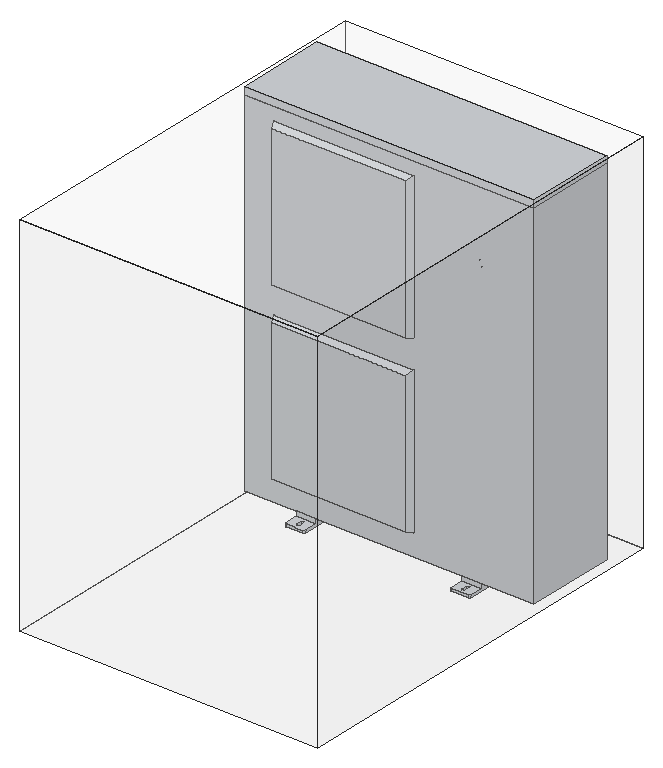
Revit family "puz-ermp80sha_280ka12_50Hz", category 機械設備, Revit 2019
Family settings
  丸型コネクタ寸法 = 直径を使用
  パーツ タイプ = 標準
  OmniClass 番号 = 23.75.10.24.21.27.27
  OmniClass タイトル = Split System Air Conditioning Units
  作業面ベース = いいえ
  常に垂直 = はい
  ロード時にボイドで切り取り = いいえ
  共有 = いいえ
  部屋計算ポイント = いいえ
Parameters (values of type "PUZ-ERMP280KA2")
  音響パワーレベル（冷）(dB) = 82
  音響パワーレベル(dB) = 83
  電源種別 = ""
  電源位置Y = 2 mm
  電源位置Z = 1063 mm
  電源位置X = 325 mm
  電圧 = 200 V
  電動機出力_送風機 = 0.4 kW
  電動機出力_圧縮機 = 6 kW
  集中コントローラ [instance] = ""
  運転質量 = 0.00 kg
  運転方法 = "冷暖切替"
  質量 = if(製品質量 > 運転質量, 製品質量, 運転質量) * 1.2  # 140.40 kg
  負荷分類 = 1_熱源類
  説明 = "空冷H/P PAC インバータ室外機"
  設計暖房能力 [instance] = 0 kW
  設計冷房能力_顕熱 [instance] = 0 kW
  設計冷房能力 [instance] = 0 kW
  設置方法 = "床置形"
  記号 [instance] = ""
  製造元 = "三菱電機株式会社"
  製品質量 = 117.00 kg
  製品出荷対象 = "国内"
  製品リリース年月 = "2022/10/11"
  製品グループ = ""
  系統 [instance] = ""
  符号 = "PAC"
  積算_科目 = "1 空気調和設備"
  積算_拾い区分 [instance] = ""
  相 = 3
  盤記号 [instance] = ""
  発停方法 = "付属スイッチ"
  特殊仕様 [instance] = ""
  消費電力_暖房 = 8.62 kW
  消費電力_冷房 = 9.33 kW
  消費電力 = if(消費電力_冷房 > 消費電力_暖房, 消費電力_冷房, 消費電力_暖房)  # 9.33 kW
  法定耐用年数 = "6"
  構成品番 = "PUZ-ERMP280KA"
  極数 = 3
  材質 [instance] = ""
  本体マテリアル = none
  最小電線太さ_mm2 = 2
  最大電流値 = 0 A
  暖房能力 = 28 kW
  推奨ブレーカー容量 = 50 A
  据付ピッチ1 = 0 mm
  形式 = "パッケージ形 室外機"
  形名 = PUZ-ZRMP-3 : PUZ-ZRMP224KA
  幹線記号 [instance] = ""
  始動方式 = "インバータ始動方式"
  呼称 = "パッケージ形空気調和機_室外機"
  周波数 = 50 Hz
  価格 = 1917000
  ドレン　位置Z = 26 mm
  ドレン　位置Y = 176 mm
  ドレン　位置X = 45 mm
  アンカーボルト位置Y = 370 mm
  アンカーボルト位置X = 600 mm
  参照している仕様書等のバージョン = "公共建築物標準仕様書（機械設備工事編）平成31年度版"
  分類コード = "50053003126100"
  分類グループ = ""
  冷房能力 = 25 kW
  冷媒管（ガス）位置X = 479 mm
  冷媒管（液）位置X = 423 mm
  冷媒管（液）位置Y = 290 mm
  冷媒管（ガス）位置Y = 236 mm
  冷媒管長 [instance] = 0 mm
  冷媒管径符号 = "Cg"
  冷媒管径 = 100.00 mm
  冷媒管位置Z = 450 mm
  冷媒管位置Y = (冷媒管（液）位置Y + 冷媒管（ガス）位置Y) / 2  # 263 mm
  冷媒管位置X = (冷媒管（液）位置X + 冷媒管（ガス）位置X) / 2  # 451 mm
  冷媒液管径 = 12.70 mm
  冷媒ガス管径 = 25.40 mm
  企業コード = "108420"
  付属品 [instance] = ""
  仕様書バージョン = "Version1.0"
  ユニット数 = 1
  ユニット3 = yes
  ユニット2 = no
  Model = ""
  ドレン管径 = 33.00 mm
  サービススペース = yes
  コメント [instance] = ""
  ケーブル種類1 = ""
  Width = 1050 mm
  Version = ""
  Uniclass2015Version = "Systems v1.9"
  Uniclass2015Title = "Split coil remote air cooled condensing units"
  Uniclass2015Code = "Pr_70_65_03_84"
  URL = "https://www.mitsubishielectric.co.jp/ldg/wink/ssl/displayProduct.do?pid=323588"
  SpecificationReference = ""
  SpecificationDescription = ""
  Revision = ""
  ProductInformation = ""
  OmniClassCode = "23-33 17 13 11"
  IfcTypeProduct = ""
  IfcProduct = ""
  IfcExportType = "AIRCONDITIONINGUNIT"
  IfcExportAs = "IfcUnitaryEquipmentType"
  Height = 1338 mm
  Depth = 330 mm
  Clearance Top = 0 mm
  Clearance Right = 15 mm
  Clearance Left = 15 mm
  Clearance Front = 1000 mm
  Clearance Bottom = 0 mm
  Clearance Back = 150 mm
  COP = 0
  Author = "三菱電機株式会社"
  APF = 0
Reference planes
  plane 1 "中心(正面/背面)": y = 74
  plane 2: z = 0
  plane 3 "中心(左/右)": x = 830
  plane 4 "右": x = 1355
  plane 5 "左": x = 305
  plane 6 "背面": y = 239
  plane 7 "正面": y = -91
  plane 8 "上部": z = 1338
  plane 9 "Clearanse Top": z = 1338
  plane 10 "SS_back": y = 389
  plane 11 "SS_front": y = -1091
  plane 12 "SS_left": x = 290
  plane 13 "SS_right": x = 1370
  plane 14: z = 0
  plane 15: y = -89
  plane 16: x = 1155
  plane 17: z = 1063
  plane 18: y = -87
  plane 19: y = -24
  plane 20: x = 1281
  plane 21: z = 450
  plane 22: z = 452
  plane 23: y = 63
  plane 24: x = 350
  plane 25: z = 28
  plane 26: z = 26
  plane 27: x = 530
  plane 28: x = 1130
  plane 29: y = 259
  plane 30: y = -111
Forms (mm)
  Extrusion 1, solid, detail levels fine
    sketch origin (0, -91, 0) x (1, 0, 0) y (0, 0, 1)
      loop
        circle (1155, 1063) r 13.5
    from -4 to -2
  Extrusion 2, solid, detail levels fine
    sketch origin (-1437.329, -1524, 54) x (-1, 0, 0) y (0, -1, 0)
      loop
        circle (-2718.329, -1500) r 50
    from 396 to 398
  Extrusion 3, solid, detail levels fine
    sketch origin (-1437.329, -1524, 54) x (-1, 0, 0) y (0, -1, 0)
      loop
        circle (-1787.329, -1587) r 16.5
    from -28 to -26
Lines and regions (mm)
  model lines, not visible
    curve 1: line (460, 178.667, 1289.179) -> (460, 297.73, 1289.179)
    curve 2: line (460, 178.667, 1056.056) -> (460, 178.667, 1289.179)
    curve 3: line (460, 297.73, 1056.056) -> (460, 178.667, 1056.056)
    curve 4: line (460, 297.73, 1289.179) -> (460, 297.73, 1056.056)
    curve 5: line (460, 47.598, 1289.179) -> (460, 166.661, 1289.179)
    curve 6: line (460, 47.598, 1056.056) -> (460, 47.598, 1289.179)
    curve 7: line (460, 166.661, 1056.056) -> (460, 47.598, 1056.056)
    curve 8: line (460, 166.661, 1289.179) -> (460, 166.661, 1056.056)
    curve 9: line (460, -83.471, 1289.179) -> (460, 35.592, 1289.179)
    curve 10: line (460, -83.471, 1056.056) -> (460, -83.471, 1289.179)
    curve 11: line (460, 35.592, 1056.056) -> (460, -83.471, 1056.056)
    curve 12: line (460, 35.592, 1289.179) -> (460, 35.592, 1056.056)
    curve 13: line (460, -150.779, 1289.179) -> (460, -95.75, 1289.179)
    curve 14: line (460, -150.779, 1056.056) -> (460, -150.779, 1289.179)
    curve 15: line (460, -95.75, 1056.056) -> (460, -150.779, 1056.056)
    curve 16: line (460, -95.75, 1289.179) -> (460, -95.75, 1056.056)
    curve 17: line (460, -150.779, 1283.175) -> (460, -132.596, 1283.175)
    curve 18: line (460, -150.779, 1062.059) -> (460, -150.779, 1283.175)
    curve 19: line (460, -132.596, 1062.059) -> (460, -150.779, 1062.059)
    curve 20: line (460, -132.596, 1283.175) -> (460, -132.596, 1062.059)
    curve 21: line (460, 178.667, 1046.051) -> (460, 297.73, 1046.051)
    curve 22: line (460, 178.667, 812.928) -> (460, 178.667, 1046.051)
    curve 23: line (460, 297.73, 812.928) -> (460, 178.667, 812.928)
    curve 24: line (460, 297.73, 1046.051) -> (460, 297.73, 812.928)
    curve 25: line (460, 47.598, 1046.051) -> (460, 166.661, 1046.051)
    curve 26: line (460, 47.598, 812.928) -> (460, 47.598, 1046.051)
    curve 27: line (460, 166.661, 812.928) -> (460, 47.598, 812.928)
    curve 28: line (460, 166.661, 1046.051) -> (460, 166.661, 812.928)
    curve 29: line (460, -83.471, 1046.051) -> (460, 35.592, 1046.051)
    curve 30: line (460, -83.471, 812.928) -> (460, -83.471, 1046.051)
    curve 31: line (460, 35.592, 812.928) -> (460, -83.471, 812.928)
    curve 32: line (460, 35.592, 1046.051) -> (460, 35.592, 812.928)
    curve 33: line (460, -150.779, 1046.051) -> (460, -95.75, 1046.051)
    curve 34: line (460, -150.779, 812.928) -> (460, -150.779, 1046.051)
    curve 35: line (460, -95.75, 812.928) -> (460, -150.779, 812.928)
    curve 36: line (460, -95.75, 1046.051) -> (460, -95.75, 812.928)
    curve 37: line (460, -150.779, 1040.048) -> (460, -132.596, 1040.048)
    curve 38: line (460, -150.779, 818.931) -> (460, -150.779, 1040.048)
    curve 39: line (460, -132.596, 818.931) -> (460, -150.779, 818.931)
    curve 40: line (460, -132.596, 1040.048) -> (460, -132.596, 818.931)
    curve 41: line (460, 178.667, 802.923) -> (460, 297.73, 802.923)
    curve 42: line (460, 178.667, 569.8) -> (460, 178.667, 802.923)
    curve 43: line (460, 297.73, 569.8) -> (460, 178.667, 569.8)
    curve 44: line (460, 297.73, 802.923) -> (460, 297.73, 569.8)
    curve 45: line (460, 47.598, 802.923) -> (460, 166.661, 802.923)
    curve 46: line (460, 47.598, 569.8) -> (460, 47.598, 802.923)
    curve 47: line (460, 166.661, 569.8) -> (460, 47.598, 569.8)
    curve 48: line (460, 166.661, 802.923) -> (460, 166.661, 569.8)
    curve 49: line (460, -83.471, 802.923) -> (460, 35.592, 802.923)
    curve 50: line (460, -83.471, 569.8) -> (460, -83.471, 802.923)
    curve 51: line (460, 35.592, 569.8) -> (460, -83.471, 569.8)
    curve 52: line (460, 35.592, 802.923) -> (460, 35.592, 569.8)
    curve 53: line (460, -150.779, 802.923) -> (460, -95.75, 802.923)
    curve 54: line (460, -150.779, 569.8) -> (460, -150.779, 802.923)
    curve 55: line (460, -95.75, 569.8) -> (460, -150.779, 569.8)
    curve 56: line (460, -95.75, 802.923) -> (460, -95.75, 569.8)
    curve 57: line (460, -150.779, 796.92) -> (460, -132.596, 796.92)
    curve 58: line (460, -150.779, 575.803) -> (460, -150.779, 796.92)
    curve 59: line (460, -132.596, 575.803) -> (460, -150.779, 575.803)
    curve 60: line (460, -132.596, 796.92) -> (460, -132.596, 575.803)
    curve 61: line (460, 178.667, 559.795) -> (460, 297.73, 559.795)
    curve 62: line (460, 178.667, 326.672) -> (460, 178.667, 559.795)
    curve 63: line (460, 297.73, 326.672) -> (460, 178.667, 326.672)
    curve 64: line (460, 297.73, 559.795) -> (460, 297.73, 326.672)
    curve 65: line (460, 47.598, 559.795) -> (460, 166.661, 559.795)
    curve 66: line (460, 47.598, 326.672) -> (460, 47.598, 559.795)
    curve 67: line (460, 166.661, 326.672) -> (460, 47.598, 326.672)
    curve 68: line (460, 166.661, 559.795) -> (460, 166.661, 326.672)
    curve 69: line (460, -83.471, 559.795) -> (460, 35.592, 559.795)
    curve 70: line (460, -83.471, 326.672) -> (460, -83.471, 559.795)
    curve 71: line (460, 35.592, 326.672) -> (460, -83.471, 326.672)
    curve 72: line (460, 35.592, 559.795) -> (460, 35.592, 326.672)
    curve 73: line (460, -150.779, 559.795) -> (460, -95.75, 559.795)
    curve 74: line (460, -150.779, 326.672) -> (460, -150.779, 559.795)
    curve 75: line (460, -95.75, 326.672) -> (460, -150.779, 326.672)
    curve 76: line (460, -95.75, 559.795) -> (460, -95.75, 326.672)
    curve 77: line (460, -150.779, 553.792) -> (460, -132.596, 553.792)
    curve 78: line (460, -150.779, 332.675) -> (460, -150.779, 553.792)
    curve 79: line (460, -132.596, 332.675) -> (460, -150.779, 332.675)
    curve 80: line (460, -132.596, 553.792) -> (460, -132.596, 332.675)
    curve 81: line (460, 178.667, 316.667) -> (460, 297.73, 316.667)
    curve 82: line (460, 178.667, 83.544) -> (460, 178.667, 316.667)
    curve 83: line (460, 297.73, 83.544) -> (460, 178.667, 83.544)
    curve 84: line (460, 297.73, 316.667) -> (460, 297.73, 83.544)
    curve 85: line (460, 47.598, 316.667) -> (460, 166.661, 316.667)
    curve 86: line (460, 47.598, 83.544) -> (460, 47.598, 316.667)
    curve 87: line (460, 166.661, 83.544) -> (460, 47.598, 83.544)
    curve 88: line (460, 166.661, 316.667) -> (460, 166.661, 83.544)
    curve 89: line (460, -83.471, 316.667) -> (460, 35.592, 316.667)
    curve 90: line (460, -83.471, 83.544) -> (460, -83.471, 316.667)
    curve 91: line (460, 35.592, 83.544) -> (460, -83.471, 83.544)
    curve 92: line (460, 35.592, 316.667) -> (460, 35.592, 83.544)
    curve 93: line (460, -150.779, 316.667) -> (460, -95.75, 316.667)
    curve 94: line (460, -150.779, 83.544) -> (460, -150.779, 316.667)
    curve 95: line (460, -95.75, 83.544) -> (460, -150.779, 83.544)
    curve 96: line (460, -95.75, 316.667) -> (460, -95.75, 83.544)
    curve 97: line (460, -150.779, 310.664) -> (460, -132.596, 310.664)
    curve 98: line (460, -150.779, 89.547) -> (460, -150.779, 310.664)
    curve 99: line (460, -132.596, 89.547) -> (460, -150.779, 89.547)
    curve 100: line (460, -132.596, 310.664) -> (460, -132.596, 89.547)
Dimensions and locks
  equal spacing: plane 7 "正面", plane 1 "中心(正面/背面)", plane 6 "背面"
  "Depth": plane 7 "正面" to plane 6 "背面"
  "Width": plane 5 "左" to plane 4 "右"
  equal spacing: plane 5 "左", plane 3 "中心(左/右)", plane 4 "右"
  "Clearance Left": plane 12 "SS_left" to plane 5 "左"
  "Clearance Right": plane 4 "右" to plane 13 "SS_right"
  "Clearance Back": plane 6 "背面" to plane 10 "SS_back"
  "Clearance Front": plane 11 "SS_front" to plane 7 "正面"
  "Height": plane 8 "上部" to level
  "Clearance Top": plane 9 "Clearanse Top" to plane 8 "上部"
  "Clearance Bottom": level to plane 14
  "電源位置X": plane 3 "中心(左/右)" to plane 16
  "電源位置Y": plane 7 "正面" to plane 15
  "電源位置Z": plane 17 to level
  locked: plane 15 to plane 18 at 2
  "冷媒管位置X": plane 3 "中心(左/右)" to plane 20
  "冷媒管位置Y": plane 19 to plane 6 "背面"
  "冷媒管位置Z": plane 21 to level
  locked: plane 22 to plane 21 at 2
  "ドレン　位置X": plane 5 "左" to plane 24
  "ドレン　位置Y": plane 23 to plane 6 "背面"
  locked: plane 25 to plane 26 at 2
  "ドレン　位置Z": plane 26 to level
  equal spacing: plane 30, plane 1 "中心(正面/背面)", plane 29
  "アンカーボルト位置Y": plane 30 to plane 29
  equal spacing: plane 27, plane 3 "中心(左/右)", plane 28
  "アンカーボルト位置X": plane 27 to plane 28
  radius of Extrusion 1 sketch curve = 13.5 mm
  "冷媒管径": diameter of Extrusion 2 sketch curve
  "ドレン管径": diameter of Extrusion 3 sketch curve
  aligned and locked: level to plane 2
  aligned and locked: plane 10 "SS_back" to nested 1  (x2)
  aligned and locked: plane 13 "SS_right" to nested 1
  aligned and locked: plane 12 "SS_left" to nested 1  (x2)
  aligned and locked: nested 1 to plane 13 "SS_right"
  aligned and locked: plane 11 "SS_front" to nested 1
  aligned and locked: plane 9 "Clearanse Top" to nested 1
  aligned and locked: plane 1 "中心(正面/背面)" to nested 2
  aligned and locked: plane 3 "中心(左/右)" to nested 2
  aligned and locked: plane 14 to nested 1
  aligned and locked: plane 17 to Extrusion 1 sketch curve
  aligned and locked: plane 16 to Extrusion 1 sketch curve
  aligned and locked: Extrusion 1 to plane 18
  aligned and locked: plane 15 to Extrusion 1
  aligned and locked: plane 19 to Extrusion 2 sketch curve
  aligned and locked: plane 20 to Extrusion 2 sketch curve
  aligned and locked: plane 22 to Extrusion 2
  aligned and locked: Extrusion 2 to plane 21
  aligned and locked: plane 24 to Extrusion 3 sketch curve
  aligned and locked: plane 23 to Extrusion 3 sketch curve
  aligned and locked: plane 25 to Extrusion 3
  aligned and locked: Extrusion 3 to plane 26
  aligned and locked: plane 27 to nested 3
  aligned and locked: plane 29 to nested 3
Nested families
  nested 1: "サービススペース" at (830, -351, 669), visible <- "サービススペース", type "サービススペース"
    with Width 1080 mm, Height 1338 mm, Depth 1480 mm
  nested 2: "PUZ-ZRMP-3" at (830, 74, 0), type <- "形名", type "PUZ-ZRMP224KA"
  nested 3: "固定点" at (530, -111, 0), type "固定点"
    with W 600 mm, D 370 mm
Connectors
  piping at (1281, -24, 450), diameter 100, driven by "冷媒管径", driven by "冷媒管径符号"
    settings: on Extrusion 2, index 1, connector inside diameter 609.60 mm, connector length 0 mm, flow factor 0, pipe flow 0.0 L/s, pressure drop 0.0 Pa, fitting loss kfactor 0, connector angle 0.00°, fixture units 0, engagement length 0 mm, angle of deflection 0.00°, flow configuration 1, flow direction 2, fitting loss method 4, system type 7, joint type 0, gender type 0, connector reference index -1, connector utility 0, adjustable connector no, is connector primary yes, connector description "Cg"
  electrical at (1155, -89, 1063), driven by "極数", driven by "負荷分類", driven by "電圧", driven by "消費電力"
    settings: on Extrusion 1, index 2, voltage 200 V, apparent load 9330 VA, apparent load phase1 0 VA, apparent load phase2 0 VA, apparent load phase3 0 VA, power factor 1, load classification "1_熱源類", number of poles 3, system type 30, power factor state 1, is connector primary yes, connector utility no, sub classification motor no, connector description ""
Definition of nested family "サービススペース"
  Parameters (values of type "サービススペース")
    Width [instance] = 500 mm
    Height [instance] = 500 mm
    Depth [instance] = 500 mm
  Reference planes
    plane 1 "中心(正面/背面)": y = 0
    plane 2: z = 0
    plane 3 "中心(左/右)": x = 0
    plane 4: y = -250
    plane 5: x = 250
    plane 6: y = 250
    plane 7: x = -250
    plane 8: z = 250
    plane 9: z = -250
  Forms (mm)
    Extrusion 1, solid
      sketch origin (-638.939, 0, 72.39) x (1, 0, 0) y (0, 1, 0)
        loop
          line (388.939, 250) -> (388.939, -250) -> (888.939, -250) -> (888.939, 250) -> (388.939, 250)
      from -322.39 to 177.61
  Lines and regions (mm)
    symbolic lines
      curve 1: line (-250, 0, 250) -> (250, 0, 250)
      curve 2: line (-250, 0, -250) -> (-250, 0, 250)
      curve 3: line (250, 0, -250) -> (-250, 0, -250)
      curve 4: line (250, 0, 250) -> (250, 0, -250)
      curve 5: line (0, -250, 250) -> (0, 250, 250)
      curve 6: line (0, -250, -250) -> (0, -250, 250)
      curve 7: line (0, 250, -250) -> (0, -250, -250)
      curve 8: line (0, 250, 250) -> (0, 250, -250)
      curve 9: line (-250, 250, 0) -> (250, 250, 0)
      curve 10: line (-250, -250, 0) -> (-250, 250, 0)
      curve 11: line (250, -250, 0) -> (-250, -250, 0)
      curve 12: line (250, 250, 0) -> (250, -250, 0)
  Dimensions and locks
    equal spacing: plane 7, plane 3 "中心(左/右)", plane 5
    equal spacing: plane 4, plane 1 "中心(正面/背面)", plane 6
    "Depth": plane 4 to plane 6
    "Width": plane 7 to plane 5
    equal spacing: plane 8, plane 2, plane 9
    "Height": plane 8 to plane 9
    aligned and locked: plane 9 to curve 3
    aligned and locked: plane 7 to curve 2
    aligned and locked: curve 4 to plane 5
    aligned and locked: plane 5 to Extrusion 1
    aligned and locked: Extrusion 1 to plane 7
    aligned and locked: Extrusion 1 to plane 9
    aligned and locked: plane 8 to Extrusion 1
    aligned and locked: plane 9 to curve 7
  Automatic sketch dimensions
    plane 4 to Extrusion 1 sketch curve = 0 mm
    Extrusion 1 sketch curve to plane 7 = 0 mm
    Extrusion 1 sketch curve to plane 5 = 0 mm
    plane 6 to Extrusion 1 sketch curve = 0 mm
    curve 2 to plane 8 = 0 mm
    plane 4 to curve 11 = 0 mm
    curve 11 to plane 7 = 0 mm
    curve 11 to plane 5 = 0 mm
    plane 6 to curve 10 = 0 mm
    curve 7 to plane 4 = 0 mm
    curve 7 to plane 6 = 0 mm
    curve 6 to plane 8 = 0 mm
Definition of nested family "PUZ-ZRMP-3"
  Parameters (values of type "PUZ-ZRMP112KA11")
    配線取出口サイズ = 27 mm
    配線取出口-Z = 1063 mm
    配線取出口-Y = 325 mm
    配線取出口-X = 325 mm
    液配管サイズ = 100 mm
    高さ = 1338 mm
    換気-W = 362 mm
    換気-H2 = 632 mm
    換気-H1 = 369 mm
    換気-D = 25 mm
    奥行き = 330 mm
    吊りボルト_H = 0 mm
    吊りボルト-φ = 12 mm
    冷媒配管サイズ = 9.52 mm
    冷媒液管径-Z = 450 mm
    冷媒液管径-Y = 290 mm
    冷媒液管径-X = 423 mm
    冷媒ガス管径-Z = 420 mm
    冷媒ガス管径-Y = 234 mm
    冷媒ガス管径-X = 483 mm
    吊りボルト-W = 600 mm
    マテリアル = none
    ドレン配管サイズ = 33 mm
    ドレン管径-Z = 0 mm
    ドレン管径-Y = 154 mm
    ドレン管径-X = 480 mm
    タイプ3 = yes
    タイプ2 = no
    タイプ1 = no
    ガス配管サイズ = 15.88 mm
    吊りボルト-D = 370 mm
    幅さ = 1050 mm
    a = 幅さ / 2  # 525 mm
  Types (3, lengths in mm): name | 冷媒配管サイズ | 冷媒液管径-Z | 冷媒ガス管径-Z | 冷媒ガス管径-Y | 冷媒ガス管径-X | ガス配管サイズ
    PUZ-ZRMP112KA11 | 9.52 | 450 | 420 | 234 | 483 | 15.88
    PUZ-ZRMP224KA | 19.05 | 450 | 337 | 236 | 479 | 25.4
    PUZ-ZRMP280KA | 19.05 | 424 | 337 | 236 | 479 | 25.4
  Reference planes
    plane 1 "中心(正面/背面)": y = 0
    plane 2: z = 0
    plane 3 "中心(左/右)": x = 0
    plane 4: z = 1338
    plane 5: x = -525
    plane 6: x = 525
    plane 7: y = 165
    plane 8: y = -165
    plane 9: x = 587
    plane 10: y = -105
    plane 11: y = 5
    plane 12: z = 1313
    plane 13: x = -545
    plane 14: x = -300
    plane 15: x = 300
    plane 16: y = 185
    plane 17: y = -185
    plane 18: x = 335
    plane 19: x = 265
    plane 20: x = -265
    plane 21: x = -335
    plane 22: y = 204
    plane 23: y = -218
    plane 24: z = 8.5
    plane 25: z = 25
    plane 26: z = 23
    plane 27: z = 1333
    plane 28: y = -40
    plane 29: y = 40
    plane 30: y = -30
    plane 31: y = 30
    plane 32: z = 1318
    plane 33: z = 55
    plane 34: z = 225
    plane 35: z = 570
    plane 36: x = 535
    plane 37: x = 556
    plane 38: y = -190
    plane 39: x = -163
    plane 40: z = 369
    plane 41: x = 91
    plane 42: x = -417
    plane 43: z = 633
    plane 44: z = 105
    plane 45: x = -407
    plane 46: x = 81
    plane 47: z = 623
    plane 48: z = 115
    plane 49: y = 115
    plane 50: y = -115
    plane 51: x = -480
    plane 52: y = -11
    plane 53: x = 483
    plane 54: x = 325
    plane 55: y = -160
    plane 56: y = -125
    plane 57: y = -69
    plane 58: x = 423
    plane 59: z = 420
    plane 60: z = 450
    plane 61: z = 1063
    plane 62: y = -110
    plane 63: z = 550
    plane 64: z = 550
    plane 65: x = 453
    plane 66: y = -97
    plane 67 "グループ": x = -525
    plane 68: z = 1338
    plane 69: z = 943
    plane 70: z = 1001
    plane 71: z = 1265
    plane 72: z = 737
    plane 73: z = 1255
    plane 74: z = 747
    plane 75: y = 125
    plane 76: x = -370
    plane 77: x = -210
    plane 78: x = -50
    plane 79: x = 110
  Forms (mm)
    Extrusion 1, solid, visible <- "タイプ3", detail levels fine
      sketch origin (-1437.329, -1524, 1338) x (-1, 0, 0) y (0, -1, 0)
        loop
          line (-1102.329, -1689) -> (-1102.329, -1359) -> (-1172.329, -1359) -> (-1172.329, -1689) -> (-1102.329, -1689)
        loop
          line (-1702.329, -1689) -> (-1702.329, -1359) -> (-1772.329, -1359) -> (-1772.329, -1689) -> (-1702.329, -1689)
      from -1338 to -1313
    Extrusion 2, solid, material <- "マテリアル", visible <- "タイプ3", detail levels fine
      sketch origin (-1437.329, -1524, 1338) x (-1, 0, 0) y (0, -1, 0)
        loop
          line (-1962.329, -1689) -> (-912.329, -1689) -> (-912.329, -1359) -> (-1962.329, -1359) -> (-1962.329, -1689)
      from -1313 to -25
    Extrusion 3, solid, material <- "マテリアル", visible <- "タイプ3", detail levels fine
      sketch origin (-1437.329, -1524, 1338) x (-1, 0, 0) y (0, -1, 0)
        loop
          line (-912.329, -1689) -> (-912.329, -1359) -> (-1962.329, -1359) -> (-1962.329, -1689) -> (-912.329, -1689)
      from -25 to 0
    Blend 4, solid, material <- "マテリアル", visible <- "タイプ3", detail levels fine
      base sketch origin (0, 0, 0) x (1, 0, 0) y (0, 0, 1)
        loop
          line (-417, 633) -> (-417, 105) -> (91, 105) -> (91, 633) -> (-417, 633)
      top sketch origin (0, 0, 0) x (1, 0, 0) y (0, 0, 1)
        loop
          line (-407, 623) -> (-407, 115) -> (81, 115) -> (81, 623) -> (-407, 623)
      from 165 to 190
    Extrusion 5, solid, material <- "マテリアル", visible <- "タイプ3", detail levels fine
      sketch origin (-1437.329, -1524, 1338) x (-1, 0, 0) y (0, -1, 0)
        loop
          circle (-1920.329, -1455) r 7.94
      from -918 to -788
    Extrusion 6, solid, material <- "マテリアル", visible <- "タイプ3", detail levels fine
      sketch origin (-1437.329, -1524, 1338) x (-1, 0, 0) y (0, -1, 0)
        loop
          circle (-1860.329, -1399) r 4.76
      from -888 to -788
    Extrusion 7, solid, material <- "マテリアル", visible <- "タイプ3", detail levels fine
      sketch origin (1480.036, -190, 1200) x (1, 0, 0) y (0, 0, 1)
        loop
          circle (-1155.036, -137) r 13.5
      from -80 to -30
    Extrusion 8, solid, material <- "マテリアル", visible <- "タイプ3", detail levels fine
      sketch origin (-1437.329, -1524, 1338) x (-1, 0, 0) y (0, -1, 0)
        loop
          circle (-1890.329, -1427) r 50
      from -888 to -788
    Blend 9, solid, material <- "マテリアル", visible <- "タイプ3", detail levels fine
      base sketch origin (1480.036, -190, 1200) x (1, 0, 0) y (0, 0, 1)
        loop
          line (-1897.036, 65) -> (-1897.036, -463) -> (-1389.036, -463) -> (-1389.036, 65) -> (-1897.036, 65)
      top sketch origin (1480.036, -190, 1200) x (1, 0, 0) y (0, 0, 1)
        loop
          line (-1887.036, 55) -> (-1887.036, -453) -> (-1399.036, -453) -> (-1399.036, 55) -> (-1887.036, 55)
      from -25 to 0
    Extrusion 10, solid, visible <- "タイプ3", detail levels fine
      sketch origin (-1437.329, -1524, 1338) x (-1, 0, 0) y (0, -1, 0)
        loop
          line (-1102.329, -1728) -> (-1102.329, -1689) -> (-1172.329, -1689) -> (-1172.329, -1728) -> (-1143.329, -1728) -> (-1143.329, -1709)
          arc (-1143.329, -1709) -> (-1137.329, -1703) -> (-1131.329, -1709) r 6
          line (-1131.329, -1709) -> (-1131.329, -1728) -> (-1102.329, -1728)
        loop
          line (-1102.329, -1359) -> (-1102.329, -1311)
          arc (-1102.329, -1311) -> (-1103.794, -1307.464) -> (-1107.329, -1306) r 5
          line (-1107.329, -1306) -> (-1167.329, -1306)
          arc (-1167.329, -1306) -> (-1170.865, -1307.464) -> (-1172.329, -1311) r 5
          line (-1172.329, -1311) -> (-1172.329, -1359) -> (-1102.329, -1359)
        loop
          arc (-1143.329, -1339) -> (-1137.329, -1345) -> (-1131.329, -1339) r 6
          line (-1131.329, -1339) -> (-1131.329, -1324)
          arc (-1131.329, -1324) -> (-1137.329, -1318) -> (-1143.329, -1324) r 6
          line (-1143.329, -1324) -> (-1143.329, -1339)
        loop
          line (-1772.329, -1728) -> (-1743.329, -1728) -> (-1743.329, -1709)
          arc (-1743.329, -1709) -> (-1737.329, -1703) -> (-1731.329, -1709) r 6
          line (-1731.329, -1709) -> (-1731.329, -1728) -> (-1702.329, -1728) -> (-1702.329, -1689) -> (-1772.329, -1689) -> (-1772.329, -1728)
        loop
          line (-1772.329, -1359) -> (-1702.329, -1359) -> (-1702.329, -1311)
          arc (-1702.329, -1311) -> (-1703.794, -1307.464) -> (-1707.329, -1306) r 5
          line (-1707.329, -1306) -> (-1767.329, -1306)
          arc (-1767.329, -1306) -> (-1770.865, -1307.464) -> (-1772.329, -1311) r 5
          line (-1772.329, -1311) -> (-1772.329, -1359)
        loop
          line (-1731.329, -1339) -> (-1731.329, -1324)
          arc (-1731.329, -1324) -> (-1737.329, -1318) -> (-1743.329, -1324) r 6
          line (-1743.329, -1324) -> (-1743.329, -1339)
          arc (-1743.329, -1339) -> (-1737.329, -1345) -> (-1731.329, -1339) r 6
      from -1338 to -1329.5
    Extrusion 11, solid, material <- "マテリアル", visible <- "タイプ3", detail levels fine
      sketch origin (-1437.329, -1524, 1338) x (-1, 0, 0) y (0, -1, 0)
        loop
          circle (-957.329, -1513) r 16.5
        loop
          circle (-1067.329, -1649) r 16.5
        loop
          circle (-1227.329, -1649) r 16.5
        loop
          circle (-1387.329, -1649) r 16.5
        loop
          circle (-1547.329, -1649) r 16.5
      from -1315 to -1313
  Cuts and joins
    joined: Extrusion 1, Extrusion 10
  Lines and regions (mm)
    Masking region 1, visible <- "タイプ3", detail levels coarse+medium
      outline origin (-1437.329, -1524, 1338) x (-1, 0, 0) y (0, -1, 0)
        loop
          line (-1962.329, -1689) -> (-1772.329, -1689) -> (-1772.329, -1728) -> (-1702.329, -1728) -> (-1702.329, -1689) -> (-1172.329, -1689) -> (-1172.329, -1728) -> (-1102.329, -1728) -> (-1102.329, -1689) -> (-912.329, -1689) -> (-912.329, -1359) -> (-1020.329, -1359) -> (-1030.329, -1334) -> (-1102.329, -1334) -> (-1102.329, -1306) -> (-1172.329, -1306) -> (-1172.329, -1334) -> (-1518.329, -1334) -> (-1528.329, -1359) -> (-1702.329, -1359) -> (-1702.329, -1306) -> (-1772.329, -1306) -> (-1772.329, -1359) -> (-1962.329, -1359) -> (-1962.329, -1689)
    model lines, visible <- "タイプ3", detail levels fine
      curve 1: line (447, 115, 1338) -> (-445, 115, 1338)
      curve 2: line (-445, -115, 1338) -> (447, -115, 1338)
      curve 3: line (-445, -45, 1338) -> (447, -45, 1338)
      curve 4: line (447, 45, 1338) -> (-445, 45, 1338)
      curve 5: line (-445, -35, 1338) -> (447, -35, 1338)
      curve 6: line (447, 35, 1338) -> (-445, 35, 1338)
      curve 7: line (-445, 115, 1338) -> (-445, 45, 1338)
      curve 8: line (447, -115, 1338) -> (447, -45, 1338)
      curve 9: line (-445, 35, 1338) -> (-445, -35, 1338)
      curve 10: line (-445, -45, 1338) -> (-445, -115, 1338)
      curve 11: line (447, -35, 1338) -> (447, 35, 1338)
      curve 12: line (447, 45, 1338) -> (447, 115, 1338)
      curve 13: line (479, -115, 1338) -> (479, 115, 1338)
      curve 14: line (462, -115, 1338) -> (462, 115, 1338)
      curve 15: line (-475, 115, 1338) -> (-475, -115, 1338)
      curve 16: line (-460, 115, 1338) -> (-460, -115, 1338)
      curve 17: line (-460, 115, 1338) -> (-475, 115, 1338)
      curve 18: line (-460, -115, 1338) -> (-475, -115, 1338)
      curve 19: line (462, 115, 1338) -> (479, 115, 1338)
      curve 20: line (462, -115, 1338) -> (479, -115, 1338)
      curve 21: line (-407, -190, 416.5) -> (81, -190, 416.5)
      curve 22: line (81, -190, 321.5) -> (-407, -190, 321.5)
      curve 23: line (-407, -190, 511.5) -> (81, -190, 511.5)
      curve 24: line (-407, -190, 606.5) -> (81, -190, 606.5)
      curve 25: line (81, -190, 226.5) -> (-407, -190, 226.5)
      curve 26: line (81, -190, 131.5) -> (-407, -190, 131.5)
      curve 27: line (-389.571, -190, 623) -> (-389.571, -190, 115)
      curve 28: line (63.571, -190, 115) -> (63.571, -190, 623)
      curve 29: line (-372.143, -190, 623) -> (-372.143, -190, 115)
      curve 30: line (-354.714, -190, 623) -> (-354.714, -190, 115)
      curve 31: line (-337.286, -190, 623) -> (-337.286, -190, 115)
      curve 32: line (-319.857, -190, 623) -> (-319.857, -190, 115)
      curve 33: line (-302.429, -190, 623) -> (-302.429, -190, 115)
      curve 34: line (-285, -190, 623) -> (-285, -190, 115)
      curve 35: line (-267.571, -190, 623) -> (-267.571, -190, 115)
      curve 36: line (-250.143, -190, 623) -> (-250.143, -190, 115)
      curve 37: line (-232.714, -190, 623) -> (-232.714, -190, 115)
      curve 38: line (-215.286, -190, 623) -> (-215.286, -190, 115)
      curve 39: line (-197.857, -190, 623) -> (-197.857, -190, 115)
      curve 40: line (-180.429, -190, 623) -> (-180.429, -190, 115)
      curve 41: line (-163, -190, 623) -> (-163, -190, 115)
      curve 42: line (-145.571, -190, 623) -> (-145.571, -190, 115)
      curve 43: line (-128.143, -190, 623) -> (-128.143, -190, 115)
      curve 44: line (-110.714, -190, 623) -> (-110.714, -190, 115)
      curve 45: line (-93.286, -190, 623) -> (-93.286, -190, 115)
      curve 46: line (-75.857, -190, 623) -> (-75.857, -190, 115)
      curve 47: line (-58.429, -190, 623) -> (-58.429, -190, 115)
      curve 48: line (-41, -190, 623) -> (-41, -190, 115)
      curve 49: line (-23.571, -190, 623) -> (-23.571, -190, 115)
      curve 50: line (-6.143, -190, 623) -> (-6.143, -190, 115)
      curve 51: line (11.286, -190, 623) -> (11.286, -190, 115)
      curve 52: line (28.714, -190, 623) -> (28.714, -190, 115)
      curve 53: line (46.143, -190, 623) -> (46.143, -190, 115)
      curve 54: line (-525, -100, 87) -> (-525, -60, 87)
      curve 55: line (-525, -100, 277) -> (-525, -100, 87)
      curve 56: line (-525, -60, 277) -> (-525, -100, 277)
      curve 57: line (-525, -60, 87) -> (-525, -60, 277)
      curve 58: line (-525, -100, 292) -> (-525, -60, 292)
      curve 59: line (-525, -100, 482) -> (-525, -100, 292)
      curve 60: line (-525, -60, 482) -> (-525, -100, 482)
      curve 61: line (-525, -60, 292) -> (-525, -60, 482)
      curve 62: line (-525, -100, 497) -> (-525, -60, 497)
      curve 63: line (-525, -100, 687) -> (-525, -100, 497)
      curve 64: line (-525, -60, 687) -> (-525, -100, 687)
      curve 65: line (-525, -60, 497) -> (-525, -60, 687)
      curve 66: line (-525, -100, 702) -> (-525, -60, 702)
      curve 67: line (-525, -100, 892) -> (-525, -100, 702)
      curve 68: line (-525, -60, 892) -> (-525, -100, 892)
      curve 69: line (-525, -60, 702) -> (-525, -60, 892)
      curve 70: line (-525, 60, 87) -> (-525, 100, 87)
      curve 71: line (-525, 60, 277) -> (-525, 60, 87)
      curve 72: line (-525, 100, 277) -> (-525, 60, 277)
      curve 73: line (-525, 100, 87) -> (-525, 100, 277)
      curve 74: line (-525, -46.667, 87) -> (-525, -6.667, 87)
      curve 75: line (-525, -46.667, 277) -> (-525, -46.667, 87)
      curve 76: line (-525, -6.667, 277) -> (-525, -46.667, 277)
      curve 77: line (-525, -6.667, 87) -> (-525, -6.667, 277)
      curve 78: line (-525, 6.667, 87) -> (-525, 46.667, 87)
      curve 79: line (-525, 6.667, 277) -> (-525, 6.667, 87)
      curve 80: line (-525, 46.667, 277) -> (-525, 6.667, 277)
      curve 81: line (-525, 46.667, 87) -> (-525, 46.667, 277)
      curve 82: line (-525, 60, 292) -> (-525, 100, 292)
      curve 83: line (-525, 60, 482) -> (-525, 60, 292)
      curve 84: line (-525, 100, 482) -> (-525, 60, 482)
      curve 85: line (-525, 100, 292) -> (-525, 100, 482)
      curve 86: line (-525, 60, 702) -> (-525, 100, 702)
      curve 87: line (-525, 60, 892) -> (-525, 60, 702)
      curve 88: line (-525, 100, 892) -> (-525, 60, 892)
      curve 89: line (-525, 100, 702) -> (-525, 100, 892)
      curve 90: line (-525, -46.667, 292) -> (-525, -6.667, 292)
      curve 91: line (-525, -46.667, 482) -> (-525, -46.667, 292)
      curve 92: line (-525, -6.667, 482) -> (-525, -46.667, 482)
      curve 93: line (-525, -6.667, 292) -> (-525, -6.667, 482)
      curve 94: line (-525, -46.667, 497) -> (-525, -6.667, 497)
      curve 95: line (-525, -46.667, 687) -> (-525, -46.667, 497)
      curve 96: line (-525, -6.667, 687) -> (-525, -46.667, 687)
      curve 97: line (-525, -6.667, 497) -> (-525, -6.667, 687)
      curve 98: line (-525, -46.667, 702) -> (-525, -6.667, 702)
      curve 99: line (-525, -46.667, 892) -> (-525, -46.667, 702)
      curve 100: line (-525, -6.667, 892) -> (-525, -46.667, 892)
      curve 101: line (-525, -6.667, 702) -> (-525, -6.667, 892)
      curve 102: line (-525, 6.667, 292) -> (-525, 46.667, 292)
      curve 103: line (-525, 6.667, 482) -> (-525, 6.667, 292)
      curve 104: line (-525, 46.667, 482) -> (-525, 6.667, 482)
      curve 105: line (-525, 46.667, 292) -> (-525, 46.667, 482)
      curve 106: line (-525, 6.667, 497) -> (-525, 46.667, 497)
      curve 107: line (-525, 6.667, 687) -> (-525, 6.667, 497)
      curve 108: line (-525, 46.667, 687) -> (-525, 6.667, 687)
      curve 109: line (-525, 46.667, 497) -> (-525, 46.667, 687)
      curve 110: line (-525, 6.667, 702) -> (-525, 46.667, 702)
      curve 111: line (-525, 6.667, 892) -> (-525, 6.667, 702)
      curve 112: line (-525, 46.667, 892) -> (-525, 6.667, 892)
      curve 113: line (-525, 46.667, 702) -> (-525, 46.667, 892)
      curve 114: line (-525, -100, 907) -> (-525, -60, 907)
      curve 115: line (-525, -100, 1097) -> (-525, -100, 907)
      curve 116: line (-525, -60, 1097) -> (-525, -100, 1097)
      curve 117: line (-525, -60, 907) -> (-525, -60, 1097)
      curve 118: line (-525, 60, 907) -> (-525, 100, 907)
      curve 119: line (-525, 60, 1097) -> (-525, 60, 907)
      curve 120: line (-525, 100, 1097) -> (-525, 60, 1097)
      curve 121: line (-525, 100, 907) -> (-525, 100, 1097)
      curve 122: line (-525, -46.667, 907) -> (-525, -6.667, 907)
      curve 123: line (-525, -46.667, 1097) -> (-525, -46.667, 907)
      curve 124: line (-525, -6.667, 1097) -> (-525, -46.667, 1097)
      curve 125: line (-525, -6.667, 907) -> (-525, -6.667, 1097)
      curve 126: line (-525, 6.667, 907) -> (-525, 46.667, 907)
      curve 127: line (-525, 6.667, 1097) -> (-525, 6.667, 907)
      curve 128: line (-525, 46.667, 1097) -> (-525, 6.667, 1097)
      curve 129: line (-525, 46.667, 907) -> (-525, 46.667, 1097)
      curve 130: line (-525, -100, 1112) -> (-525, -60, 1112)
      curve 131: line (-525, -100, 1302) -> (-525, -100, 1112)
      curve 132: line (-525, -60, 1302) -> (-525, -100, 1302)
      curve 133: line (-525, -60, 1112) -> (-525, -60, 1302)
      curve 134: line (-525, 60, 1112) -> (-525, 100, 1112)
      curve 135: line (-525, 60, 1302) -> (-525, 60, 1112)
      curve 136: line (-525, 100, 1302) -> (-525, 60, 1302)
      curve 137: line (-525, 100, 1112) -> (-525, 100, 1302)
      curve 138: line (-525, -46.667, 1112) -> (-525, -6.667, 1112)
      curve 139: line (-525, -46.667, 1302) -> (-525, -46.667, 1112)
      curve 140: line (-525, -6.667, 1302) -> (-525, -46.667, 1302)
      curve 141: line (-525, -6.667, 1112) -> (-525, -6.667, 1302)
      curve 142: line (-525, 6.667, 1112) -> (-525, 46.667, 1112)
      curve 143: line (-525, 6.667, 1302) -> (-525, 6.667, 1112)
      curve 144: line (-525, 46.667, 1302) -> (-525, 6.667, 1302)
      curve 145: line (-525, 46.667, 1112) -> (-525, 46.667, 1302)
      curve 303: line (81, -190, 1238.5) -> (-407, -190, 1238.5)
      curve 304: line (-407, -190, 763.5) -> (81, -190, 763.5)
      curve 305: line (-389.571, -190, 1255) -> (-389.571, -190, 747)
      curve 306: line (81, -190, 858.5) -> (-407, -190, 858.5)
      curve 307: line (81, -190, 1143.5) -> (-407, -190, 1143.5)
      curve 308: line (81, -190, 1048.5) -> (-407, -190, 1048.5)
      curve 309: line (-407, -190, 953.5) -> (81, -190, 953.5)
      curve 310: line (-372.143, -190, 1255) -> (-372.143, -190, 747)
      curve 311: line (-354.714, -190, 1255) -> (-354.714, -190, 747)
      curve 312: line (-337.286, -190, 1255) -> (-337.286, -190, 747)
      curve 313: line (-319.857, -190, 1255) -> (-319.857, -190, 747)
      curve 314: line (-302.429, -190, 1255) -> (-302.429, -190, 747)
      curve 315: line (-285, -190, 1255) -> (-285, -190, 747)
      curve 316: line (-267.571, -190, 1255) -> (-267.571, -190, 747)
      curve 317: line (-250.143, -190, 1255) -> (-250.143, -190, 747)
      curve 318: line (-232.714, -190, 1255) -> (-232.714, -190, 747)
      curve 319: line (-215.286, -190, 1255) -> (-215.286, -190, 747)
      curve 320: line (-197.857, -190, 1255) -> (-197.857, -190, 747)
      curve 321: line (-180.429, -190, 1255) -> (-180.429, -190, 747)
      curve 322: line (-163, -190, 1255) -> (-163, -190, 747)
      curve 323: line (-145.571, -190, 1255) -> (-145.571, -190, 747)
      curve 324: line (-128.143, -190, 1255) -> (-128.143, -190, 747)
      curve 325: line (-110.714, -190, 1255) -> (-110.714, -190, 747)
      curve 326: line (-93.286, -190, 1255) -> (-93.286, -190, 747)
      curve 327: line (-75.857, -190, 1255) -> (-75.857, -190, 747)
      curve 328: line (-58.429, -190, 1255) -> (-58.429, -190, 747)
      curve 329: line (-41, -190, 1255) -> (-41, -190, 747)
      curve 330: line (-23.571, -190, 1255) -> (-23.571, -190, 747)
      curve 331: line (-6.143, -190, 1255) -> (-6.143, -190, 747)
      curve 332: line (11.286, -190, 1255) -> (11.286, -190, 747)
      curve 333: line (28.714, -190, 1255) -> (28.714, -190, 747)
      curve 334: line (46.143, -190, 1255) -> (46.143, -190, 747)
      curve 335: line (63.571, -190, 1255) -> (63.571, -190, 747)
    model lines, visible <- "タイプ3", not visible, detail levels fine
      curve 146: line (-525, -100, 907) -> (-525, -60, 907)
      curve 147: line (-525, -100, 1097) -> (-525, -100, 907)
      curve 148: line (-525, -60, 1097) -> (-525, -100, 1097)
      curve 149: line (-525, -60, 907) -> (-525, -60, 1097)
      curve 150: line (-525, 60, 907) -> (-525, 100, 907)
      curve 151: line (-525, 60, 1097) -> (-525, 60, 907)
      curve 152: line (-525, 100, 1097) -> (-525, 60, 1097)
      curve 153: line (-525, 100, 907) -> (-525, 100, 1097)
      curve 154: line (-525, -46.667, 907) -> (-525, -6.667, 907)
      curve 155: line (-525, -46.667, 1097) -> (-525, -46.667, 907)
      curve 156: line (-525, -6.667, 1097) -> (-525, -46.667, 1097)
      curve 157: line (-525, -6.667, 907) -> (-525, -6.667, 1097)
      curve 158: line (-525, 6.667, 907) -> (-525, 46.667, 907)
      curve 159: line (-525, 6.667, 1097) -> (-525, 6.667, 907)
      curve 160: line (-525, 46.667, 1097) -> (-525, 6.667, 1097)
      curve 161: line (-525, 46.667, 907) -> (-525, 46.667, 1097)
      curve 162: line (-525, -100, 1112) -> (-525, -60, 1112)
      curve 163: line (-525, -100, 1302) -> (-525, -100, 1112)
      curve 164: line (-525, -60, 1302) -> (-525, -100, 1302)
      curve 165: line (-525, -60, 1112) -> (-525, -60, 1302)
      curve 166: line (-525, 60, 1112) -> (-525, 100, 1112)
      curve 167: line (-525, 60, 1302) -> (-525, 60, 1112)
      curve 168: line (-525, 100, 1302) -> (-525, 60, 1302)
      curve 169: line (-525, 100, 1112) -> (-525, 100, 1302)
      curve 170: line (-525, -46.667, 1112) -> (-525, -6.667, 1112)
      curve 171: line (-525, -46.667, 1302) -> (-525, -46.667, 1112)
      curve 172: line (-525, -6.667, 1302) -> (-525, -46.667, 1302)
      curve 173: line (-525, -6.667, 1112) -> (-525, -6.667, 1302)
      curve 174: line (-525, 6.667, 1112) -> (-525, 46.667, 1112)
      curve 175: line (-525, 6.667, 1302) -> (-525, 6.667, 1112)
      curve 176: line (-525, 46.667, 1302) -> (-525, 6.667, 1302)
      curve 177: line (-525, 46.667, 1112) -> (-525, 46.667, 1302)
      curve 194: line (-525, -100, 87) -> (-525, -60, 87)
      curve 195: line (-525, -100, 277) -> (-525, -100, 87)
      curve 196: line (-525, -60, 277) -> (-525, -100, 277)
      curve 197: line (-525, -60, 87) -> (-525, -60, 277)
      curve 198: line (-525, -100, 292) -> (-525, -60, 292)
      curve 199: line (-525, -100, 482) -> (-525, -100, 292)
      curve 200: line (-525, -60, 482) -> (-525, -100, 482)
      curve 201: line (-525, -60, 292) -> (-525, -60, 482)
      curve 202: line (-525, -100, 497) -> (-525, -60, 497)
      curve 203: line (-525, -100, 687) -> (-525, -100, 497)
      curve 204: line (-525, -60, 687) -> (-525, -100, 687)
      curve 205: line (-525, -60, 497) -> (-525, -60, 687)
      curve 206: line (-525, -100, 702) -> (-525, -60, 702)
      curve 207: line (-525, -100, 892) -> (-525, -100, 702)
      curve 208: line (-525, -60, 892) -> (-525, -100, 892)
      curve 209: line (-525, -60, 702) -> (-525, -60, 892)
      curve 210: line (-525, 60, 87) -> (-525, 100, 87)
      curve 211: line (-525, 60, 277) -> (-525, 60, 87)
      curve 212: line (-525, 100, 277) -> (-525, 60, 277)
      curve 213: line (-525, 100, 87) -> (-525, 100, 277)
      curve 214: line (-525, -46.667, 87) -> (-525, -6.667, 87)
      curve 215: line (-525, -46.667, 277) -> (-525, -46.667, 87)
      curve 216: line (-525, -6.667, 277) -> (-525, -46.667, 277)
      curve 217: line (-525, -6.667, 87) -> (-525, -6.667, 277)
      curve 218: line (-525, 6.667, 87) -> (-525, 46.667, 87)
      curve 219: line (-525, 6.667, 277) -> (-525, 6.667, 87)
      curve 220: line (-525, 46.667, 277) -> (-525, 6.667, 277)
      curve 221: line (-525, 46.667, 87) -> (-525, 46.667, 277)
      curve 222: line (-525, 60, 292) -> (-525, 100, 292)
      curve 223: line (-525, 60, 482) -> (-525, 60, 292)
      curve 224: line (-525, 100, 482) -> (-525, 60, 482)
      curve 225: line (-525, 100, 292) -> (-525, 100, 482)
      curve 226: line (-525, 60, 702) -> (-525, 100, 702)
      curve 227: line (-525, 60, 892) -> (-525, 60, 702)
      curve 228: line (-525, 100, 892) -> (-525, 60, 892)
      curve 229: line (-525, 100, 702) -> (-525, 100, 892)
      curve 230: line (-525, -46.667, 292) -> (-525, -6.667, 292)
      curve 231: line (-525, -46.667, 482) -> (-525, -46.667, 292)
      curve 232: line (-525, -6.667, 482) -> (-525, -46.667, 482)
      curve 233: line (-525, -6.667, 292) -> (-525, -6.667, 482)
      curve 234: line (-525, -46.667, 497) -> (-525, -6.667, 497)
      curve 235: line (-525, -46.667, 687) -> (-525, -46.667, 497)
      curve 236: line (-525, -6.667, 687) -> (-525, -46.667, 687)
      curve 237: line (-525, -6.667, 497) -> (-525, -6.667, 687)
      curve 238: line (-525, -46.667, 702) -> (-525, -6.667, 702)
      curve 239: line (-525, -46.667, 892) -> (-525, -46.667, 702)
      curve 240: line (-525, -6.667, 892) -> (-525, -46.667, 892)
      curve 241: line (-525, -6.667, 702) -> (-525, -6.667, 892)
      curve 242: line (-525, 6.667, 292) -> (-525, 46.667, 292)
      curve 243: line (-525, 6.667, 482) -> (-525, 6.667, 292)
      curve 244: line (-525, 46.667, 482) -> (-525, 6.667, 482)
      curve 245: line (-525, 46.667, 292) -> (-525, 46.667, 482)
      curve 246: line (-525, 6.667, 497) -> (-525, 46.667, 497)
      curve 247: line (-525, 6.667, 687) -> (-525, 6.667, 497)
      curve 248: line (-525, 46.667, 687) -> (-525, 6.667, 687)
      curve 249: line (-525, 46.667, 497) -> (-525, 46.667, 687)
      curve 250: line (-525, 6.667, 702) -> (-525, 46.667, 702)
      curve 251: line (-525, 6.667, 892) -> (-525, 6.667, 702)
      curve 252: line (-525, 46.667, 892) -> (-525, 6.667, 892)
      curve 253: line (-525, 46.667, 702) -> (-525, 46.667, 892)
    model lines, visible <- "タイプ2", not visible
      curve 178: line (-600, -100, 33.5) -> (-600, -60, 33.5)
      curve 179: line (-600, -100, 73.5) -> (-600, -100, 33.5)
      curve 180: line (-600, -60, 73.5) -> (-600, -100, 73.5)
      curve 181: line (-600, -60, 33.5) -> (-600, -60, 73.5)
      curve 182: line (-600, 60, 33.5) -> (-600, 100, 33.5)
      curve 183: line (-600, 60, 73.5) -> (-600, 60, 33.5)
      curve 184: line (-600, 100, 73.5) -> (-600, 60, 73.5)
      curve 185: line (-600, 100, 33.5) -> (-600, 100, 73.5)
      curve 186: line (-509, -46.667, 33.5) -> (-509, -6.667, 33.5)
      curve 187: line (-509, -46.667, 73.5) -> (-509, -46.667, 33.5)
      curve 188: line (-509, -6.667, 73.5) -> (-509, -46.667, 73.5)
      curve 189: line (-509, -6.667, 33.5) -> (-509, -6.667, 73.5)
      curve 190: line (-509, 6.667, 33.5) -> (-509, 46.667, 33.5)
      curve 191: line (-509, 6.667, 73.5) -> (-509, 6.667, 33.5)
      curve 192: line (-509, 46.667, 73.5) -> (-509, 6.667, 73.5)
      curve 193: line (-509, 46.667, 33.5) -> (-509, 46.667, 73.5)
      curve 287: line (-404.5, -100, 33.5) -> (-404.5, -60, 33.5)
      curve 288: line (-404.5, -100, 73.5) -> (-404.5, -100, 33.5)
      curve 289: line (-404.5, -60, 73.5) -> (-404.5, -100, 73.5)
      curve 290: line (-404.5, -60, 33.5) -> (-404.5, -60, 73.5)
      curve 291: line (-404.5, 60, 33.5) -> (-404.5, 100, 33.5)
      curve 292: line (-404.5, 60, 73.5) -> (-404.5, 60, 33.5)
      curve 293: line (-404.5, 100, 73.5) -> (-404.5, 60, 73.5)
      curve 294: line (-404.5, 100, 33.5) -> (-404.5, 100, 73.5)
      curve 295: line (-404.5, -46.667, 33.5) -> (-404.5, -6.667, 33.5)
      curve 296: line (-404.5, -46.667, 73.5) -> (-404.5, -46.667, 33.5)
      curve 297: line (-404.5, -6.667, 73.5) -> (-404.5, -46.667, 73.5)
      curve 298: line (-404.5, -6.667, 33.5) -> (-404.5, -6.667, 73.5)
      curve 299: line (-404.5, 6.667, 33.5) -> (-404.5, 46.667, 33.5)
      curve 300: line (-404.5, 6.667, 73.5) -> (-404.5, 6.667, 33.5)
      curve 301: line (-404.5, 46.667, 73.5) -> (-404.5, 6.667, 73.5)
      curve 302: line (-404.5, 46.667, 33.5) -> (-404.5, 46.667, 73.5)
    model lines, not visible
      curve 254: line (-338.5, -173.2, 372.5) -> (149.5, -173.2, 372.5)
      curve 255: line (149.5, -173.2, 277.5) -> (-338.5, -173.2, 277.5)
      curve 256: line (-338.5, -173.2, 467.5) -> (149.5, -173.2, 467.5)
      curve 257: line (-338.5, -173.2, 562.5) -> (149.5, -173.2, 562.5)
      curve 258: line (149.5, -173.2, 182.5) -> (-338.5, -173.2, 182.5)
      curve 259: line (149.5, -173.2, 87.5) -> (-338.5, -173.2, 87.5)
      curve 260: line (-321.071, -173.2, 579) -> (-321.071, -173.2, 71)
      curve 261: line (132.071, -173.2, 71) -> (132.071, -173.2, 579)
      curve 262: line (-303.643, -173.2, 579) -> (-303.643, -173.2, 71)
      curve 263: line (-286.214, -173.2, 579) -> (-286.214, -173.2, 71)
      curve 264: line (-268.786, -173.2, 579) -> (-268.786, -173.2, 71)
      curve 265: line (-251.357, -173.2, 579) -> (-251.357, -173.2, 71)
      curve 266: line (-233.929, -173.2, 579) -> (-233.929, -173.2, 71)
      curve 267: line (-216.5, -173.2, 579) -> (-216.5, -173.2, 71)
      curve 268: line (-199.071, -173.2, 579) -> (-199.071, -173.2, 71)
      curve 269: line (-181.643, -173.2, 579) -> (-181.643, -173.2, 71)
      curve 270: line (-164.214, -173.2, 579) -> (-164.214, -173.2, 71)
      curve 271: line (-146.786, -173.2, 579) -> (-146.786, -173.2, 71)
      curve 272: line (-129.357, -173.2, 579) -> (-129.357, -173.2, 71)
      curve 273: line (-111.929, -173.2, 579) -> (-111.929, -173.2, 71)
      curve 274: line (-94.5, -173.2, 579) -> (-94.5, -173.2, 71)
      curve 275: line (-77.071, -173.2, 579) -> (-77.071, -173.2, 71)
      curve 276: line (-59.643, -173.2, 579) -> (-59.643, -173.2, 71)
      curve 277: line (-42.214, -173.2, 579) -> (-42.214, -173.2, 71)
      curve 278: line (-24.786, -173.2, 579) -> (-24.786, -173.2, 71)
      curve 279: line (-7.357, -173.2, 579) -> (-7.357, -173.2, 71)
      curve 280: line (10.071, -173.2, 579) -> (10.071, -173.2, 71)
      curve 281: line (27.5, -173.2, 579) -> (27.5, -173.2, 71)
      curve 282: line (44.929, -173.2, 579) -> (44.929, -173.2, 71)
      curve 283: line (62.357, -173.2, 579) -> (62.357, -173.2, 71)
      curve 284: line (79.786, -173.2, 579) -> (79.786, -173.2, 71)
      curve 285: line (97.214, -173.2, 579) -> (97.214, -173.2, 71)
      curve 286: line (114.643, -173.2, 579) -> (114.643, -173.2, 71)
    symbolic lines, visible <- "タイプ3"
      curve 336: line (-344.073, 165, 1338) -> (-525, 165, 1338)
      curve 337: line (-525, 165, 1338) -> (-525, -165, 1338)
      curve 338: line (-525, -165, 1338) -> (-323.037, -165, 1338)
      curve 339: line (-417, -165, 1338) -> (-407, -190, 1338)
      curve 340: line (-407, -190, 1338) -> (-357.105, -190, 1338)
      curve 341: line (-335, -190, 1338) -> (-335, -218, 1338)
      curve 342: line (-335, -218, 1338) -> (-265, -218, 1338)
      curve 343: line (-265, -218, 1338) -> (-265, -190, 1338)
      curve 344: line (-357.105, -190, 1338) -> (81, -190, 1338)
      curve 345: line (81, -190, 1338) -> (91, -165, 1338)
      curve 346: line (-323.037, -165, 1338) -> (300.043, -165, 1338)
      curve 347: line (265, -165, 1338) -> (265, -218, 1338)
      curve 348: line (265, -218, 1338) -> (335, -218, 1338)
      curve 349: line (335, -218, 1338) -> (335, -165, 1338)
      curve 350: line (300.043, -165, 1338) -> (525, -165, 1338)
      curve 351: line (525, -165, 1338) -> (525, 165, 1338)
      curve 352: line (525, 165, 1338) -> (363.157, 165, 1338)
      curve 353: line (335, 165, 1338) -> (335, 204, 1338)
      curve 354: line (335, 204, 1338) -> (265, 204, 1338)
      curve 355: line (265, 204, 1338) -> (265, 165, 1338)
      curve 356: line (363.157, 165, 1338) -> (-344.073, 165, 1338)
      curve 357: line (-265, 165, 1338) -> (-265, 204, 1338)
      curve 358: line (-265, 204, 1338) -> (-335, 204, 1338)
      curve 359: line (-335, 204, 1338) -> (-335, 165, 1338)
      curve 360: line (-475, 115, 1338) -> (-460, 115, 1338)
      curve 361: line (-475, -115, 1338) -> (-475, 115, 1338)
      curve 362: line (-460, -115, 1338) -> (-475, -115, 1338)
      curve 363: line (-460, 115, 1338) -> (-460, -115, 1338)
      curve 364: line (-445, 115, 1338) -> (447, 115, 1338)
      curve 365: line (-445, 45, 1338) -> (-445, 115, 1338)
      curve 366: line (447, 45, 1338) -> (-445, 45, 1338)
      curve 367: line (447, 115, 1338) -> (447, 45, 1338)
      curve 368: line (447, 35, 1338) -> (-445, 35, 1338)
      curve 369: line (447, -35, 1338) -> (447, 35, 1338)
      curve 370: line (-445, -35, 1338) -> (447, -35, 1338)
      curve 371: line (-445, 35, 1338) -> (-445, -35, 1338)
      curve 372: line (-445, -45, 1338) -> (447, -45, 1338)
      curve 373: line (-445, -115, 1338) -> (-445, -45, 1338)
      curve 374: line (447, -115, 1338) -> (-445, -115, 1338)
      curve 375: line (447, -45, 1338) -> (447, -115, 1338)
      curve 376: line (462, -115, 1338) -> (479, -115, 1338)
      curve 377: line (462, 115, 1338) -> (462, -115, 1338)
      curve 378: line (479, 115, 1338) -> (462, 115, 1338)
      curve 379: line (479, -115, 1338) -> (479, 115, 1338)
  Dimensions and locks
    equal spacing: plane 8, plane 1 "中心(正面/背面)", plane 7
    "奥行き": plane 8 to plane 7
    equal spacing: plane 5, plane 3 "中心(左/右)", plane 6
    "幅さ": plane 5 to plane 6
    "高さ": plane 4 to level
    locked: plane 6 to plane 9 at 62
    locked: plane 8 to plane 10 at 60
    locked: plane 8 to plane 11 at 170
    locked: plane 4 to plane 12 at 25
    locked: plane 13 to plane 5 at 20
    "吊りボルト-D": plane 17 to plane 16
    equal spacing: plane 17, plane 1 "中心(正面/背面)", plane 16
    equal spacing: plane 14, plane 3 "中心(左/右)", plane 15
    "吊りボルト-W": plane 14 to plane 15
    plane 21 to plane 14 to plane 20 = 35 mm locked, 35 mm locked
    plane 19 to plane 15 to plane 18 = 35 mm locked, 35 mm locked
    locked: plane 16 to plane 22 at 19
    locked: plane 23 to plane 17 at 33
    locked: plane 24 to level at 8.5
    plane 25 to level = 25 mm
    locked: plane 4 to plane 27 at 5
    plane 7 to plane 1 "中心(正面/背面)" to plane 8 = 165 mm, 165 mm
    plane 29 to plane 1 "中心(正面/背面)" to plane 28 = 40 mm, 40 mm
    plane 31 to plane 1 "中心(正面/背面)" to plane 30 = 30 mm, 30 mm
    locked: plane 32 to plane 12 at 5
    locked: plane 33 to level at 55
    locked: plane 34 to level at 225
    equal spacing: plane 6, plane 37, plane 9
    locked: plane 6 to plane 36 at 10
    "換気-D": plane 38 to plane 8
    "換気-W": plane 39 to plane 5
    "換気-H1": plane 40 to level
    plane 41 to plane 39 to plane 42 = 254 mm locked, 254 mm locked
    plane 43 to plane 40 to plane 44 = 264 mm locked, 264 mm locked
    locked: plane 41 to plane 46 at 10
    locked: plane 45 to plane 42 at 10
    locked: plane 43 to plane 47 at 10
    locked: plane 48 to plane 44 at 10
    locked: curve 26 to plane 48 at 16.5
    locked: plane 47 to curve 24 at 16.5
    equal spacing: curve 24, curve 23, curve 21, curve 22, curve 25, curve 26
    equal spacing: plane 46, curve 28, curve 53, curve 52, curve 51, curve 50, curve 49, curve 48, curve 47, curve 46, curve 45, curve 44, curve 43, curve 42, curve 41, curve 40, curve 39, curve 38, curve 37, curve 36, curve 35, curve 34, curve 33, curve 32, curve 31, curve 30, curve 29, curve 27, plane 45
    locked: curve 4 to curve 6 at 10
    locked: curve 3 to curve 5 at 10
    locked: plane 49 to plane 7 at 50
    locked: plane 8 to plane 50 at 50
    "ドレン管径-Y": plane 8 to plane 52
    "配線取出口-Y": plane 55 to plane 7
    "冷媒液管径-Y": plane 56 to plane 7
    "冷媒ガス管径-Y": plane 57 to plane 7
    "配線取出口-X": plane 3 "中心(左/右)" to plane 54
    "冷媒ガス管径-X": plane 3 "中心(左/右)" to plane 53
    "冷媒液管径-X": plane 3 "中心(左/右)" to plane 58
    "冷媒液管径-Z": plane 60 to level
    "冷媒ガス管径-Z": plane 59 to level
    "配線取出口-Z": plane 61 to level
    locked: plane 55 to plane 62 at 50
    plane 63 to plane 59 = 130 mm
    locked: plane 64 to plane 60 at 100
    equal spacing: plane 58, plane 65, plane 53
    equal spacing: plane 56, plane 66, plane 57
    "a": plane 67 "グループ" to plane 3 "中心(左/右)"
    plane 69 to level = 943 mm
    plane 68 to level = 1338 mm
    locked: plane 35 to level at 570
    curve 21 to plane 40 to curve 22 = 47.5 mm locked, 47.5 mm locked
    "換気-H2": plane 70 to plane 40
    plane 71 to plane 70 to plane 72 = 264 mm locked, 264 mm locked
    locked: plane 74 to plane 72 at 10
    locked: plane 71 to plane 73 at 10
    locked: plane 73 to curve 303 at 16.5
    locked: curve 304 to plane 74 at 16.5
    equal spacing: curve 303, curve 307, curve 308, curve 309, curve 306, curve 304
    equal spacing: plane 46, curve 335, curve 334, curve 333, curve 332, curve 331, curve 330, curve 329, curve 328, curve 327, curve 326, curve 325, curve 324, curve 323, curve 322, curve 321, curve 320, curve 319, curve 318, curve 317, curve 316, curve 315, curve 314, curve 313, curve 312, curve 311, curve 310, curve 305, plane 45
    locked: plane 25 to plane 26 at 2
    "ドレン管径-X": plane 51 to plane 3 "中心(左/右)"
    locked: plane 52 to plane 75 at 136
    plane 51 to plane 76 to plane 77 to plane 78 to plane 79 = 110 mm locked, 160 mm locked, 160 mm locked, 160 mm locked
    "ガス配管サイズ": diameter of Extrusion 5 sketch curve
    "冷媒配管サイズ": diameter of Extrusion 6 sketch curve
    "配線取出口サイズ": diameter of Extrusion 7 sketch curve
    "液配管サイズ": diameter of Extrusion 8 sketch curve
    "ドレン配管サイズ": diameter of Extrusion 11 sketch curve  (x5)
    aligned and locked: level to plane 2
    aligned and locked: Extrusion 1 to level
    aligned and locked: plane 25 to Extrusion 1
    aligned and locked: Extrusion 2 sketch curve to plane 7
    aligned and locked: Extrusion 2 sketch curve to plane 8
    aligned and locked: Extrusion 2 sketch curve to plane 5
    aligned and locked: Extrusion 2 sketch curve to plane 6
    aligned and locked: Extrusion 2 to plane 25
    aligned and locked: plane 12 to Extrusion 2
    aligned and locked: Extrusion 3 sketch curve to Extrusion 2  (x4)
    aligned and locked: Extrusion 3 to plane 12
    aligned and locked: plane 4 to Extrusion 3
    aligned and locked: Blend 4 sketch curve to plane 43
    aligned and locked: Blend 4 sketch curve to plane 44
    aligned and locked: Blend 4 sketch curve to plane 42
    aligned and locked: Blend 4 sketch curve to plane 41
